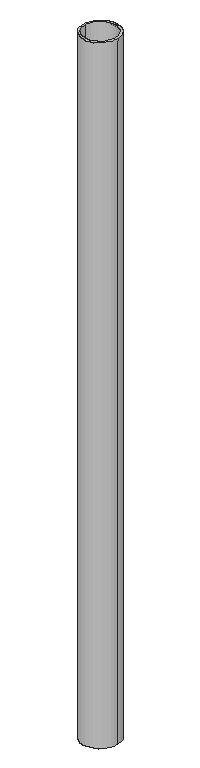
Revit family
Parameters (values of type "HSS6-1/8X.375")
  Column Material [instance] = Metal - Steel - ASTM A53
  A = 5.76 in²
  Assembly Code = "B10"
  OD = 0' - 6 33/256"
  W = 23.1
  t = 0' - 0 89/256"
Types (2): name | A | OD | W | t
  HSS4-1/2X.237 | 2.88 in² | 0' - 4 1/2" | 10.8 | 0' - 0 57/256"
  HSS6-1/8X.375 | 5.76 in² | 0' - 6 33/256" | 23.1 | 0' - 0 89/256"
Reference planes (in)
  plane 1 "Center (Front/Back)": y = 0
  plane 2: z = 0
  plane 3 "Center (Left/Right)": x = 0
  plane 4: x = -3.06445
  plane 5: x = 3.06445
  plane 6: y = 3.06445
  plane 7: y = -3.06445
  plane 8: x = -2.7168
  plane 9: x = 2.7168
Forms (in)
  Extrusion 1, solid, material "Metal - Steel - ASTM A53" <- "Column Material", detail levels medium+fine
    sketch origin (0, 0, 0) x (1, 0, 0) y (0, 1, 0)
      loop
        circle (0, 0) r 3.06445
      loop
        circle (0, 0) r 2.7168
    from 0 to 108
Lines and regions (in)
  symbolic lines, style "StructuralColumnStickSymbols", detail levels coarse
    curve 1: arc (-3.06445, 0, 0) -> (0, -3.06445, 0) -> (3.06445, 0, 0) r 3.06445
    curve 2: arc (3.06445, 0, 0) -> (0, 3.06445, 0) -> (-3.06445, 0, 0) r 3.06445
Dimensions and locks (in)
  equal spacing: plane 4, plane 3 "Center (Left/Right)", plane 5
  equal spacing: plane 7, plane 1 "Center (Front/Back)", plane 6
  "OD": plane 7 to plane 6
  "OD": plane 4 to plane 5
  "t": plane 4 to plane 8
  "t": plane 9 to plane 5
  aligned and locked: level to Extrusion 1
  aligned and locked: level to plane 2
  aligned and locked: Extrusion 1 to plane 2
  aligned and locked: curve 1 to Extrusion 1
Automatic sketch dimensions
  Extrusion 1 sketch curve to plane 1 "Center (Front/Back)" = 0' - 0"  (x2)
  Extrusion 1 sketch curve to plane 4 = 0' - 0"
  Extrusion 1 sketch curve to plane 8 = 0' - 0"
  Extrusion 1 sketch curve to plane 3 "Center (Left/Right)" = 0' - 0"  (x2)
